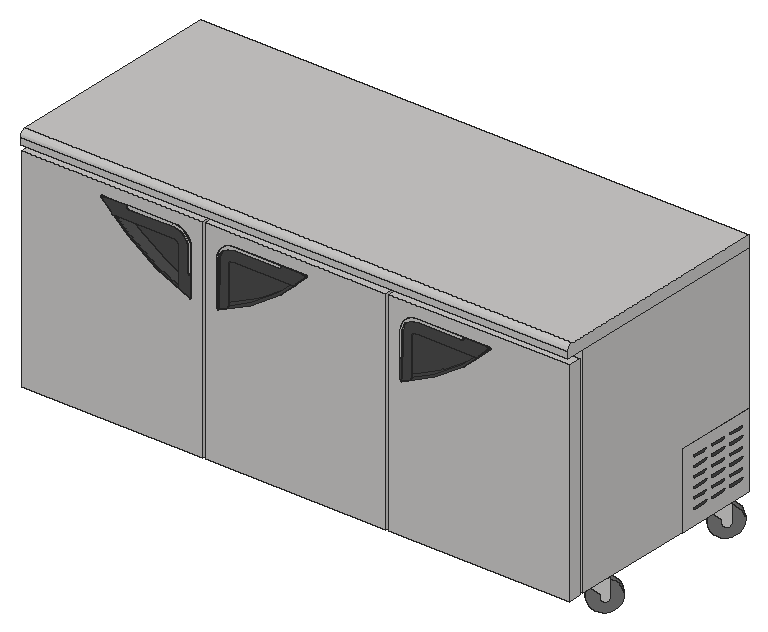
Revit family "QF_Turbo Air_TUR-72SD", category Specialty Equipment, Revit 2012
Parameters
  Weight in Pounds = 352
  Watermarked By = "http://revitwatermark.com"
  Volts = 115 V
  URL Cutsheet = ""
  URL = "www.turboairinc.com"
  Status [instance] = ""
  Specification by User [instance] = ""
  Specification by Manufacturer [instance] = ""
  Serial Number [instance] = ""
  Revision Code [instance] = ""
  Phase = 1
  Number of Poles [instance] = 1
  NAFEM Spec ID Number [instance] = ""
  Model = "TUR-72SD"
  Masterspec [instance] = ""
  Manufacturer = "Turbo Air"  # constant formula
  Legs [instance] = [6 inch Legs]  # no
  Item Number [instance] = "-"
  Installed By [instance] = ""
  HP = "1/2"
  Furnished By [instance] = ""
  Foodservice Equipment Identifier = yes
  FL Amps = 9.9 A
  Electrical Remarks [instance] = ""
  Electric Connection Type [instance] = ""
  Elec Conn RI Height [instance] = 0' - 0"
  Elec Conn Connection Height = 1' - 0"
  Description = "Undercounter Refrigerator"
  Cycle = 60 Hz
  Conn Plug = "NEMA 5-15P"
  Casters [instance] = not(Legs)  # yes
  CasterLeg Height [instance] = if([4 inch Casters], 0' 5", if([5 inch Casters], 0' 5 3/4", if([2_5 inch Casters], 0' 3 3/8", 0' 6")))  # 0' - 5"
  CSI MasterFormat = "11 41 13"
  Assembly Code = "E1090320"
  Apparent Power = if(Phase = 3, Volts * FL Amps * 1.73, Volts * FL Amps)  # 1138.5 VA
  6 inch Legs [instance] = no
  5 inch Casters [instance] = no
  4 inch Casters [instance] = yes
  2_5 inch Casters [instance] = no
Reference planes (in)
  plane 1 "BACK": y = 0
  plane 2: z = 0
  plane 3 "LEFT": x = -20.78844
  plane 4 "Bottom": z = 5
  plane 5 "Back Stops": y = 1
  plane 6 "RIGHT": x = 51.83656
  plane 7 "FRONT": y = -30
  plane 8 "Door Clearance": y = -51.875
  plane 9 "Back of Door": y = -27.875
  plane 10 "Front of Box": y = -27.375
  plane 11 "Top of Door": z = 33.125
  plane 12 "TOP": z = 35.625
  plane 13 "Bottom of TOP": z = 34
  plane 14: x = 27.83656
  plane 15: x = 27.52406
  plane 16: x = 3.21156
  plane 17: x = 3.52406
Forms (in)
  Extrusion 1, solid, material "QF_Finishes_Stainless Steel"
    sketch origin (-20.78844, 0, 0) x (0, 1, 0) y (0, 0, 1)
      loop
        line (0, 5) -> (0, 34) -> (-27.375, 34) -> (-27.375, 5) -> (0, 5)
    from 0 to 72.625
  Extrusion 2, solid, material "QF_Finishes_Black"
    sketch origin (0, -27.375, 0) x (1, 0, 0) y (0, 0, 1)
      loop
        line (-19.78844, 32.125) -> (-19.78844, 6) -> (2.21156, 6) -> (2.21156, 32.125) -> (-19.78844, 32.125)
      loop
        line (28.83656, 32.125) -> (28.83656, 6) -> (50.83656, 6) -> (50.83656, 32.125) -> (28.83656, 32.125)
      loop
        line (4.52406, 32.125) -> (4.52406, 6) -> (26.52406, 6) -> (26.52406, 32.125) -> (4.52406, 32.125)
    from 0 to 0.5
  Extrusion 3, void
    sketch origin (51.83656, 0, 0) x (0, 1, 0) y (0, 0, 1)
      loop
        line (0, 5) -> (0, 15) -> (-11, 15) -> (-11, 5) -> (0, 5)
    from 0 to -1
  Extrusion 4, solid, material "QF_Finishes_Stainless Steel"
    sketch origin (51.83656, 0, 0) x (0, 1, 0) y (0, 0, 1)
      loop
        line (-10.875, 14.875) -> (-10.875, 5) -> (0, 5) -> (0, 14.875) -> (-10.875, 14.875)
      loop
        arc (-9.25, 13.5) -> (-9.10355, 13.14645) -> (-8.75, 13) r 0.5
        line (-8.75, 13) -> (-7.25, 13)
        arc (-7.25, 13) -> (-6.89645, 13.14645) -> (-6.75, 13.5) r 0.5
        line (-6.75, 13.5) -> (-9.25, 13.5)
      loop
        arc (-6.25, 13.5) -> (-6.10355, 13.14645) -> (-5.75, 13) r 0.5
        line (-5.75, 13) -> (-4.25, 13)
        arc (-4.25, 13) -> (-3.89645, 13.14645) -> (-3.75, 13.5) r 0.5
        line (-3.75, 13.5) -> (-6.25, 13.5)
      loop
        arc (-3.25, 13.5) -> (-3.10355, 13.14645) -> (-2.75, 13) r 0.5
        line (-2.75, 13) -> (-1.25, 13)
        arc (-1.25, 13) -> (-0.89645, 13.14645) -> (-0.75, 13.5) r 0.5
        line (-0.75, 13.5) -> (-3.25, 13.5)
      loop
        arc (-9.25, 12.25) -> (-9.10355, 11.89645) -> (-8.75, 11.75) r 0.5
        line (-8.75, 11.75) -> (-7.25, 11.75)
        arc (-7.25, 11.75) -> (-6.89645, 11.89645) -> (-6.75, 12.25) r 0.5
        line (-6.75, 12.25) -> (-9.25, 12.25)
      loop
        arc (-6.25, 12.25) -> (-6.10355, 11.89645) -> (-5.75, 11.75) r 0.5
        line (-5.75, 11.75) -> (-4.25, 11.75)
        arc (-4.25, 11.75) -> (-3.89645, 11.89645) -> (-3.75, 12.25) r 0.5
        line (-3.75, 12.25) -> (-6.25, 12.25)
      loop
        arc (-3.25, 12.25) -> (-3.10355, 11.89645) -> (-2.75, 11.75) r 0.5
        line (-2.75, 11.75) -> (-1.25, 11.75)
        arc (-1.25, 11.75) -> (-0.89645, 11.89645) -> (-0.75, 12.25) r 0.5
        line (-0.75, 12.25) -> (-3.25, 12.25)
      loop
        arc (-9.25, 11) -> (-9.10355, 10.64645) -> (-8.75, 10.5) r 0.5
        line (-8.75, 10.5) -> (-7.25, 10.5)
        arc (-7.25, 10.5) -> (-6.89645, 10.64645) -> (-6.75, 11) r 0.5
        line (-6.75, 11) -> (-9.25, 11)
      loop
        arc (-6.25, 11) -> (-6.10355, 10.64645) -> (-5.75, 10.5) r 0.5
        line (-5.75, 10.5) -> (-4.25, 10.5)
        arc (-4.25, 10.5) -> (-3.89645, 10.64645) -> (-3.75, 11) r 0.5
        line (-3.75, 11) -> (-6.25, 11)
      loop
        arc (-3.25, 11) -> (-3.10355, 10.64645) -> (-2.75, 10.5) r 0.5
        line (-2.75, 10.5) -> (-1.25, 10.5)
        arc (-1.25, 10.5) -> (-0.89645, 10.64645) -> (-0.75, 11) r 0.5
        line (-0.75, 11) -> (-3.25, 11)
      loop
        arc (-9.25, 9.75) -> (-9.10355, 9.39645) -> (-8.75, 9.25) r 0.5
        line (-8.75, 9.25) -> (-7.25, 9.25)
        arc (-7.25, 9.25) -> (-6.89645, 9.39645) -> (-6.75, 9.75) r 0.5
        line (-6.75, 9.75) -> (-9.25, 9.75)
      loop
        arc (-6.25, 9.75) -> (-6.10355, 9.39645) -> (-5.75, 9.25) r 0.5
        line (-5.75, 9.25) -> (-4.25, 9.25)
        arc (-4.25, 9.25) -> (-3.89645, 9.39645) -> (-3.75, 9.75) r 0.5
        line (-3.75, 9.75) -> (-6.25, 9.75)
      loop
        arc (-3.25, 9.75) -> (-3.10355, 9.39645) -> (-2.75, 9.25) r 0.5
        line (-2.75, 9.25) -> (-1.25, 9.25)
        arc (-1.25, 9.25) -> (-0.89645, 9.39645) -> (-0.75, 9.75) r 0.5
        line (-0.75, 9.75) -> (-3.25, 9.75)
      loop
        arc (-9.25, 8.5) -> (-9.10355, 8.14645) -> (-8.75, 8) r 0.5
        line (-8.75, 8) -> (-7.25, 8)
        arc (-7.25, 8) -> (-6.89645, 8.14645) -> (-6.75, 8.5) r 0.5
        line (-6.75, 8.5) -> (-9.25, 8.5)
      loop
        arc (-6.25, 8.5) -> (-6.10355, 8.14645) -> (-5.75, 8) r 0.5
        line (-5.75, 8) -> (-4.25, 8)
        arc (-4.25, 8) -> (-3.89645, 8.14645) -> (-3.75, 8.5) r 0.5
        line (-3.75, 8.5) -> (-6.25, 8.5)
      loop
        arc (-3.25, 8.5) -> (-3.10355, 8.14645) -> (-2.75, 8) r 0.5
        line (-2.75, 8) -> (-1.25, 8)
        arc (-1.25, 8) -> (-0.89645, 8.14645) -> (-0.75, 8.5) r 0.5
        line (-0.75, 8.5) -> (-3.25, 8.5)
      loop
        arc (-9.25, 7.25) -> (-9.10355, 6.89645) -> (-8.75, 6.75) r 0.5
        line (-8.75, 6.75) -> (-7.25, 6.75)
        arc (-7.25, 6.75) -> (-6.89645, 6.89645) -> (-6.75, 7.25) r 0.5
        line (-6.75, 7.25) -> (-9.25, 7.25)
      loop
        arc (-6.25, 7.25) -> (-6.10355, 6.89645) -> (-5.75, 6.75) r 0.5
        line (-5.75, 6.75) -> (-4.25, 6.75)
        arc (-4.25, 6.75) -> (-3.89645, 6.89645) -> (-3.75, 7.25) r 0.5
        line (-3.75, 7.25) -> (-6.25, 7.25)
      loop
        arc (-3.25, 7.25) -> (-3.10355, 6.89645) -> (-2.75, 6.75) r 0.5
        line (-2.75, 6.75) -> (-1.25, 6.75)
        arc (-1.25, 6.75) -> (-0.89645, 6.89645) -> (-0.75, 7.25) r 0.5
        line (-0.75, 7.25) -> (-3.25, 7.25)
    from 0 to -1
  Extrusion 5, solid, material "QF_Finishes_Black"
    sketch origin (51.83656, 0, 0) x (0, 1, 0) y (0, 0, 1)
      loop
        line (-9.875, 13.95221) -> (-9.875, 6.20221) -> (-0.375, 6.20221) -> (-0.375, 13.95221) -> (-9.875, 13.95221)
    from -0.125 to -1
  Extrusion 6, solid, material "QF_Finishes_Black"
    sketch origin (0, 0, 0) x (1, 0, 0) y (0, 0, 1)
      loop
        circle (-14.66344, 30.8125) r 0.5
      loop
        circle (45.71156, 30.8125) r 0.5
    from 0 to -1
  Extrusion 7, solid, material "QF_Finishes_Stainless Steel"
    sketch origin (0, 0, 0) x (1, 0, 0) y (0, 0, 1)
      loop
        circle (47.83656, 11.125) r 0.25
    from 0 to -0.0625
  Extrusion 8, solid, material "QF_Finishes_Polished Steel"
    sketch origin (-20.78844, 0, 0) x (0, 1, 0) y (0, 0, 1)
      loop
        line (0, 35.625) -> (-29.1875, 35.625)
        arc (-29.1875, 35.625) -> (-29.76202, 35.38702) -> (-30, 34.8125) r 0.8125
        line (-30, 34.8125) -> (-30, 34) -> (0, 34) -> (0, 35.625)
    from 0 to 72.625
Cuts and joins
  Extrusion 3 cuts Extrusion 1
Lines and regions (in)
  symbolic lines
    curve 1: line (-20.78844, 0, 35.875) -> (51.83656, 0, 35.875)
    curve 2: line (-20.78844, -30, 35.875) -> (-20.78844, 0, 35.875)
    curve 3: line (51.83656, -30, 35.875) -> (-20.78844, -30, 35.875)
    curve 4: line (51.83656, 0, 35.875) -> (51.83656, -30, 35.875)
    curve 5: line (45.21156, 1, 35.875) -> (46.21156, 1, 35.875)
    curve 6: line (-15.16344, 1, 35.875) -> (-14.16344, 1, 35.875)
    curve 7: line (-15.16344, 1, 35.875) -> (-15.16344, 0, 35.875)
    curve 8: line (-14.16344, 1, 35.875) -> (-14.16344, 0, 35.875)
    curve 9: line (45.21156, 1, 35.875) -> (45.21156, 0, 35.875)
    curve 10: line (46.21156, 1, 35.875) -> (46.21156, 0, 35.875)
  symbolic lines, style "QF_Clearances", detail levels coarse
    curve 11: line (51.83656, -30, 35.875) -> (51.83656, -51.875, 35.875)
    curve 12: arc (51.83656, -51.875, 35.875) -> (35.63471, -45.58093, 35.875) -> (27.93082, -30, 35.875) r 24
    curve 13: line (-20.78844, -30, 35.875) -> (-20.78844, -51.875, 35.875)
    curve 14: arc (-20.78844, -51.875, 35.875) -> (-4.58659, -45.58093, 35.875) -> (3.1173, -30, 35.875) r 24
    curve 15: line (27.52406, -30, 35.875) -> (27.52406, -51.875, 35.875)
    curve 16: arc (27.52406, -51.875, 35.875) -> (11.32221, -45.58093, 35.875) -> (3.61832, -30, 35.875) r 24
Dimensions and locks (in)
  "CasterLeg Height": plane 4 "Bottom" to plane 2
  locked: plane 1 "BACK" to plane 5 "Back Stops" at 1
  locked: plane 6 "RIGHT" to plane 3 "LEFT" at 72.625
  locked: plane 7 "FRONT" to plane 1 "BACK" at 30
  locked: plane 9 "Back of Door" to plane 10 "Front of Box" at 0.5
  locked: plane 8 "Door Clearance" to plane 1 "BACK" at 51.875
  locked: plane 11 "Top of Door" to Extrusion 2 sketch curve at 1  (x3)
  locked: Extrusion 2 sketch curve to plane 3 "LEFT" at 1
  locked: Extrusion 2 sketch curve to plane 4 "Bottom" at 1  (x3)
  locked: Extrusion 3 sketch curve to plane 1 "BACK" at 11
  locked: Extrusion 3 sketch curve to plane 4 "Bottom" at 10
  locked: plane 4 "Bottom" to Extrusion 4 sketch curve at 9.875
  locked: Extrusion 4 sketch curve to plane 1 "BACK" at 10.875
  locked: Extrusion 5 sketch curve to Extrusion 5 sketch curve at 7.75
  locked: Extrusion 5 sketch curve to plane 4 "Bottom" at 1.20221
  locked: Extrusion 5 sketch curve to Extrusion 5 sketch curve at 9.5
  locked: Extrusion 5 sketch curve to plane 1 "BACK" at 0.375
  locked: nested 2 to plane 1 "BACK" at 2.5625
  locked: plane 3 "LEFT" to nested 2 at 2.5
  locked: plane 3 "LEFT" to nested 3 at 2.5
  locked: plane 10 "Front of Box" to nested 3 at 4.625
  locked: nested 4 to plane 6 "RIGHT" at 2.5
  locked: nested 5 to plane 6 "RIGHT" at 2.5
  locked: plane 10 "Front of Box" to nested 5 at 4.625
  locked: nested 4 to plane 1 "BACK" at 2.5625
  locked: plane 6 "RIGHT" to Extrusion 6 sketch curve at 6.125
  locked: Extrusion 6 sketch curve to plane 3 "LEFT" at 6.125
  locked: Extrusion 7 sketch curve to plane 4 "Bottom" at 6.125
  locked: plane 6 "RIGHT" to Extrusion 7 sketch curve at 4
  locked: plane 12 "TOP" to plane 4 "Bottom" at 30.625
  locked: plane 12 "TOP" to plane 13 "Bottom of TOP" at 1.625
  locked: plane 13 "Bottom of TOP" to plane 11 "Top of Door" at 0.875
  plane 9 "Back of Door" to plane 1 "BACK" = 2' - 3 7/8"
  locked: Extrusion 2 sketch curve to plane 6 "RIGHT" at 1
  locked: plane 3 "LEFT" to plane 16 at 24
  locked: plane 14 to plane 6 "RIGHT" at 24
  locked: plane 15 to plane 14 at 0.3125
  locked: plane 16 to plane 17 at 0.3125
  locked: Extrusion 2 sketch curve to plane 14 at 1
  locked: plane 16 to Extrusion 2 sketch curve at 1
  locked: Extrusion 2 sketch curve to plane 15 at 1
  locked: Extrusion 2 sketch curve to plane 17 at 1
  aligned and locked: level to plane 2
  aligned and locked: plane 6 "RIGHT" to nested 1
  aligned and locked: Extrusion 1 sketch curve to plane 1 "BACK"
  aligned and locked: Extrusion 1 sketch curve to plane 4 "Bottom"
  aligned and locked: plane 10 "Front of Box" to Extrusion 1 sketch curve
  aligned and locked: plane 6 "RIGHT" to Extrusion 1
  aligned and locked: plane 9 "Back of Door" to Extrusion 2
  aligned and locked: Extrusion 3 sketch curve to plane 1 "BACK"
  aligned and locked: Extrusion 3 sketch curve to plane 4 "Bottom"
  aligned and locked: Extrusion 6 to plane 5 "Back Stops"
  aligned and locked: plane 1 "BACK" to curve 1
  aligned and locked: curve 4 to plane 6 "RIGHT"
  aligned and locked: plane 3 "LEFT" to curve 2
  aligned and locked: curve 3 to plane 7 "FRONT"
  aligned and locked: curve 5 to Extrusion 6
  aligned and locked: curve 6 to Extrusion 6
  aligned and locked: Extrusion 1 sketch curve to plane 13 "Bottom of TOP"
  aligned and locked: plane 1 "BACK" to Extrusion 8 sketch curve
  aligned and locked: plane 13 "Bottom of TOP" to Extrusion 8 sketch curve
  aligned and locked: Extrusion 8 sketch curve to plane 7 "FRONT"
  aligned and locked: Extrusion 8 sketch curve to plane 12 "TOP"
  aligned and locked: plane 6 "RIGHT" to Extrusion 8
  aligned and locked: nested 6 to plane 4 "Bottom"
  aligned and locked: plane 4 "Bottom" to nested 1
  aligned and locked: plane 4 "Bottom" to nested 7
Automatic sketch dimensions
  Extrusion 4 sketch curve to plane 1 "BACK" = 0' - 0"
  Extrusion 4 sketch curve to plane 4 "Bottom" = 0' - 0"
  Extrusion 4 sketch curve to Extrusion 4 sketch curve = 0' - 1 5/8"
  Extrusion 4 sketch curve to Extrusion 4 sketch curve = 0' - 0"  (x16)
  Extrusion 4 sketch curve to Extrusion 4 sketch curve = 0' - 0 1/2"  (x31)
  Extrusion 4 sketch curve to Extrusion 4 sketch curve = 0' - 1 1/2"  (x4)
  plane 1 "BACK" to Extrusion 4 sketch curve = 0' - 1 1/4"  (x3)
  plane 4 "Bottom" to Extrusion 4 sketch curve = 0' - 1 3/4"  (x2)
  Extrusion 4 sketch curve to Extrusion 4 sketch curve = 0' - 0 3/4"  (x15)
  Extrusion 6 sketch curve to plane 11 "Top of Door" = 0' - 2 5/16"  (x2)
  Extrusion 8 sketch curve to plane 7 "FRONT" = 0' - 0 13/16"
  plane 8 "Door Clearance" to curve 14 = 0' - 0"
  plane 8 "Door Clearance" to curve 11 = 0' - 0"
  plane 8 "Door Clearance" to curve 16 = 0' - 0"
  plane 9 "Back of Door" to curve 14 = 0' - 0"
  plane 9 "Back of Door" to curve 12 = 0' - 0"
  plane 9 "Back of Door" to curve 16 = 0' - 0"
  curve 15 to plane 15 = 0' - 0"
  curve 10 to plane 6 "RIGHT" = 0' - 5 5/8"
  curve 5 to curve 5 = 0' - 1"
  plane 3 "LEFT" to curve 8 = 0' - 6 5/8"
  curve 6 to curve 7 = 0' - 1"
  radius of Extrusion 6 sketch curve = 0' - 0 1/2"  (x2)
  radius of Extrusion 7 sketch curve = 0' - 0 1/4"
Nested families (in)
  nested 1: "QF_Turbo Air_TBL_Door-2" at (36.65989, -27.875, 5) x (-1, 0, 0) z (0, 0, 1), type "QF_Turbo Air_TBL_Door-2"
    with Width 2' - 0", Symbolic Lines no, Height 2' - 4 1/8", Depth 0' - 1 13/16"
  nested 2: "FESCasterLeg" at (-18.28844, -2.5625, 0), Legs <- "Legs", Casters <- "Casters", Height <- "CasterLeg Height", type "FESCasterLeg"
    with Legs no, Height 0' - 5", Casters yes, Caster Radius 0' - 2"
  nested 3: "FESCasterLeg" at (-18.28844, -22.75, 0), Legs <- "Legs", Casters <- "Casters", Height <- "CasterLeg Height", type "FESCasterLeg"
    with Legs no, Height 0' - 5", Casters yes, Caster Radius 0' - 2"
  nested 4: "FESCasterLeg" at (49.33656, -2.5625, 0), Legs <- "Legs", Casters <- "Casters", Height <- "CasterLeg Height", type "FESCasterLeg"
    with Legs no, Height 0' - 5", Casters yes, Caster Radius 0' - 2"
  nested 5: "FESCasterLeg" at (49.33656, -22.75, 0), Legs <- "Legs", Casters <- "Casters", Height <- "CasterLeg Height", type "FESCasterLeg"
    with Legs no, Height 0' - 5", Casters yes, Caster Radius 0' - 2"
  nested 6: "QF_Turbo Air_TBL_Door-2" at (-5.61177, -27.875, 5), type "QF_Turbo Air_TBL_Door-2"
    with Width 2' - 0", Symbolic Lines no, Height 2' - 4 1/8", Depth 0' - 1 13/16"
  nested 7: "QF_Turbo Air_TBL_Door-2" at (12.34739, -27.875, 5) x (-1, 0, 0) z (0, 0, 1), type "QF_Turbo Air_TBL_Door-2"
    with Width 2' - 0", Symbolic Lines no, Height 2' - 4 1/8", Depth 0' - 1 13/16"
Connectors (in)
  electrical at (47.83656, 0.0625, 11.125), driven by "Number of Poles", driven by "Volts", driven by "Apparent Power"
    settings: on Extrusion 7, index 1, voltage 115 V, apparent load 1138.5 VA, apparent load phase1 0 VA, apparent load phase2 0 VA, apparent load phase3 0 VA, power factor 1, load classification "Other", number of poles 1, system type 30, power factor state 1, is connector primary yes, connector utility no, sub classification motor no, connector description ""
Definition of nested family "QF_Turbo Air_TBL_Door-2"
  Parameters (values of type "QF_Turbo Air_TBL_Door-2")
    Width [instance] = 1' - 6"
    Watermarked By = "http://revitwatermark.com"
    Symbolic Lines [instance] = yes
    Manufacturer = "Turbo Air"  # constant formula
    Height [instance] = 2' - 3 1/2"
    Depth [instance] = 0' - 1 13/16"
  Reference planes (in)
    plane 1 "BACK": y = 0
    plane 2: z = 0
    plane 3 "LEFT": x = -15.17667
    plane 4: x = 2.82333
    plane 5 "FRONT": y = -1.8125
    plane 6: z = 27.5
  Forms (in)
    Extrusion 1, solid, material "QF_Finishes_Stainless Steel"
      sketch origin (0, 0, 0) x (1, 0, 0) y (0, 0, 1)
        loop
          line (-15.17667, 27.5) -> (-15.17667, 0) -> (2.82333, 0) -> (2.82333, 27.5) -> (-15.17667, 27.5)
        loop
          arc (1.26083, 23.75) -> (0.62013, 25.2968) -> (-0.92667, 25.9375) r 2.1875
          line (-0.92667, 25.9375) -> (-10.51602, 25.9375)
          arc (-10.51602, 25.9375) -> (-10.68463, 25.82502) -> (-10.64553, 25.62614) r 0.18261
          arc (-10.64553, 25.62614) -> (-5.27313, 21.0225) -> (1.01159, 17.7731) r 30.65514
          arc (1.01159, 17.7731) -> (1.18191, 17.79728) -> (1.26083, 17.95014) r 0.1875
          line (1.26083, 17.95014) -> (1.26083, 23.75)
      from 0 to 1.8125
    Extrusion 2, solid, material "QF_Finishes_Black"
      sketch origin (0, 0, 0) x (1, 0, 0) y (0, 0, 1)
        loop
          arc (-10.51602, 25.9375) -> (-10.68463, 25.82502) -> (-10.64553, 25.62614) r 0.18261
          arc (-10.64553, 25.62614) -> (-5.27313, 21.0225) -> (1.01159, 17.7731) r 30.65514
          arc (1.01159, 17.7731) -> (1.18191, 17.79728) -> (1.26083, 17.95014) r 0.1875
          line (1.26083, 17.95014) -> (1.26083, 23.75)
          arc (1.26083, 23.75) -> (0.62013, 25.2968) -> (-0.92667, 25.9375) r 2.1875
          line (-0.92667, 25.9375) -> (-10.51602, 25.9375)
      from 0 to 0.25
    Extrusion 3, solid, material "QF_Finishes_Black"
      sketch origin (0, -1.8125, 0) x (1, 0, 0) y (0, 0, 1)
        loop
          arc (-10.51602, 25.9375) -> (-10.68463, 25.82502) -> (-10.64553, 25.62614) r 0.18261
          arc (-10.64553, 25.62614) -> (-5.27313, 21.0225) -> (1.01159, 17.7731) r 30.65514
          arc (1.01159, 17.7731) -> (1.18191, 17.79728) -> (1.26083, 17.95014) r 0.1875
          line (1.26083, 17.95014) -> (1.26083, 23.75)
          arc (1.26083, 23.75) -> (0.62013, 25.2968) -> (-0.92667, 25.9375) r 2.1875
          line (-0.92667, 25.9375) -> (-10.51602, 25.9375)
        loop
          arc (-10.3612, 25.6875) -> (-5.1116, 21.21513) -> (1.01083, 18.04082) r 30.40514
          line (1.01083, 18.04082) -> (1.01083, 23.75)
          arc (1.01083, 23.75) -> (0.44335, 25.12002) -> (-0.92667, 25.6875) r 1.9375
          line (-0.92667, 25.6875) -> (-10.3612, 25.6875)
      from 0 to -1.5625
    Extrusion 4, solid, material "QF_Finishes_Stainless Steel"
      sketch origin (0, -1.8125, 0) x (1, 0, 0) y (0, 0, 1)
        loop
          line (0.8693, 23.74703) -> (0.8693, 20.9359)
          arc (0.8693, 20.9359) -> (0.97619, 20.67783) -> (1.23426, 20.57094) r 0.36497
          line (1.23426, 20.57094) -> (1.23426, 23.75728)
          arc (1.23426, 23.75728) -> (0.60343, 25.28026) -> (-0.91955, 25.9111) r 2.15381
          line (-0.91955, 25.9111) -> (-7.29364, 25.9111)
          arc (-7.29364, 25.9111) -> (-7.18686, 25.6533) -> (-6.92907, 25.54652) r 0.36457
          line (-6.92907, 25.54652) -> (-0.9302, 25.54652)
          arc (-0.9302, 25.54652) -> (0.34224, 25.01946) -> (0.8693, 23.74703) r 1.79949
      from 0 to 0.0625
    Extrusion 5, solid, material "QF_Finishes_Black"
      sketch origin (0, -1.8125, 0) x (1, 0, 0) y (0, 0, 1)
        loop
          line (-7.29579, 25.91713) -> (-10.23685, 25.91713)
          arc (-10.23685, 25.91713) -> (-10.4057, 25.80626) -> (-10.37109, 25.60724) r 0.18402
          arc (-10.37109, 25.60724) -> (-9.82156, 25.0362) -> (-9.25736, 24.47964) r 30.46741
          arc (-9.25736, 24.47964) -> (-9.13766, 24.40221) -> (-8.99771, 24.37509) r 0.37471
          line (-8.99771, 24.37509) -> (-0.92669, 24.37509)
          arc (-0.92669, 24.37509) -> (-0.48472, 24.19202) -> (-0.30165, 23.75005) r 0.62505
          line (-0.30165, 23.75005) -> (-0.30165, 18.75593)
          arc (-0.30165, 18.75593) -> (-0.23944, 18.54909) -> (-0.07345, 18.41087) r 0.375
          arc (-0.07345, 18.41087) -> (0.46451, 18.18804) -> (1.00663, 17.97553) r 30.46765
          arc (1.00663, 17.97553) -> (1.17982, 17.99636) -> (1.26095, 18.15079) r 0.18755
          line (1.26095, 18.15079) -> (1.26095, 20.57213)
          arc (1.26095, 20.57213) -> (0.98629, 20.66883) -> (0.87001, 20.93579) r 0.36461
          line (0.87001, 20.93579) -> (0.87001, 23.74835)
          arc (0.87001, 23.74835) -> (0.34256, 25.02175) -> (-0.93084, 25.54921) r 1.80086
          line (-0.93084, 25.54921) -> (-6.92787, 25.54921)
          arc (-6.92787, 25.54921) -> (-7.18803, 25.65697) -> (-7.29579, 25.91713) r 0.36792
      from 0 to 0.0625
  Lines and regions (in)
    symbolic lines, visible <- "Symbolic Lines"
      curve 1: line (-15.17667, 0, 25.96875) -> (2.82333, 0, 25.96875)
      curve 2: line (-15.17667, -1.8125, 25.96875) -> (-15.17667, 0, 25.96875)
      curve 3: line (2.82333, -1.8125, 25.96875) -> (-15.17667, -1.8125, 25.96875)
      curve 4: line (2.82333, 0, 25.96875) -> (2.82333, -1.8125, 25.96875)
  Dimensions and locks (in)
    "Width": plane 4 to plane 3 "LEFT"
    "Depth": plane 5 "FRONT" to plane 1 "BACK"
    "Height": plane 6 to plane 2
    locked: plane 4 to Extrusion 1 sketch curve at 3.75
    locked: plane 6 to Extrusion 1 sketch curve at 3.75
    locked: plane 6 to Extrusion 1 sketch curve at 9.54986
    locked: plane 4 to Extrusion 1 sketch curve at 1.5625
    locked: plane 6 to Extrusion 1 sketch curve at 1.5625
    locked: plane 4 to Extrusion 1 sketch curve at 13.33935
    locked: plane 6 to Extrusion 1 sketch curve at 1.87386
    locked: plane 6 to Extrusion 1 sketch curve at 9.7269
    locked: plane 4 to Extrusion 1 sketch curve at 1.81175
    locked: plane 4 to Extrusion 1 sketch curve at 13.46886
    locked: Extrusion 4 sketch curve to Extrusion 4 sketch curve at 0.36457
    locked: Extrusion 4 sketch curve to Extrusion 4 sketch curve at 0.36497
    locked: plane 4 to Extrusion 4 sketch curve at 1.58907
    locked: plane 6 to Extrusion 4 sketch curve at 1.5889
    plane 4 to Extrusion 4 sketch curve = 0' - 10.11697"
    locked: plane 4 to Extrusion 4 sketch curve at 9.7524
    locked: plane 4 to Extrusion 4 sketch curve at 3.74288
    locked: plane 4 to Extrusion 4 sketch curve at 3.75353
    locked: plane 6 to Extrusion 4 sketch curve at 3.74272
    locked: plane 6 to Extrusion 4 sketch curve at 3.75297
    locked: plane 6 to Extrusion 4 sketch curve at 6.92906
    locked: plane 6 to Extrusion 4 sketch curve at 6.5641
    locked: plane 4 to Extrusion 2 sketch curve at 3.75
    locked: plane 4 to Extrusion 2 sketch curve at 13.33935
    locked: plane 4 to Extrusion 2 sketch curve at 13.46886
    locked: plane 4 to Extrusion 2 sketch curve at 1.81175
    locked: plane 4 to Extrusion 2 sketch curve at 1.5625
    locked: plane 4 to Extrusion 5 sketch curve at 1.56238
    locked: plane 4 to Extrusion 5 sketch curve at 1.95332
    locked: plane 4 to Extrusion 5 sketch curve at 3.75417
    locked: plane 4 to Extrusion 5 sketch curve at 9.75121
    locked: plane 4 to Extrusion 5 sketch curve at 10.11912
    locked: plane 4 to Extrusion 5 sketch curve at 13.06018
    locked: plane 4 to Extrusion 5 sketch curve at 13.19443
    locked: plane 4 to Extrusion 5 sketch curve at 12.0807
    locked: plane 4 to Extrusion 5 sketch curve at 11.82104
    locked: plane 4 to Extrusion 5 sketch curve at 3.75003
    locked: plane 4 to Extrusion 5 sketch curve at 3.12498
    locked: plane 4 to Extrusion 5 sketch curve at 2.89679
    locked: plane 4 to Extrusion 5 sketch curve at 1.81671
    aligned and locked: level to plane 2
    aligned and locked: Extrusion 1 sketch curve to plane 6
    aligned and locked: plane 3 "LEFT" to Extrusion 1 sketch curve
    aligned and locked: level to Extrusion 1 sketch curve
    aligned and locked: Extrusion 1 sketch curve to plane 4
    aligned and locked: plane 5 "FRONT" to Extrusion 1
    aligned and locked: plane 1 "BACK" to curve 1
    aligned and locked: plane 3 "LEFT" to curve 2
    aligned and locked: curve 3 to plane 5 "FRONT"
    aligned and locked: curve 4 to plane 4
    aligned and locked: Extrusion 3 sketch curve to Extrusion 1  (x4)
  Automatic sketch dimensions
    plane 4 to Extrusion 1 sketch curve = 0' - 9.03101"
    Extrusion 2 sketch curve to plane 6 = 0' - 1 9/16"
    Extrusion 2 sketch curve to Extrusion 2 sketch curve = 0' - 5.79986"
    Extrusion 2 sketch curve to Extrusion 2 sketch curve = 0' - 0.31136"
    plane 4 to Extrusion 2 sketch curve = 0' - 9.03101"
    Extrusion 2 sketch curve to Extrusion 2 sketch curve = 0' - 0.17704"
    Extrusion 3 sketch curve to Extrusion 3 sketch curve = 0' - 0.12951"
    Extrusion 3 sketch curve to Extrusion 3 sketch curve = 0' - 0.15482"
    Extrusion 3 sketch curve to Extrusion 3 sketch curve = 0' - 0"  (x4)
    Extrusion 3 sketch curve to Extrusion 3 sketch curve = 0' - 0.00075"
    Extrusion 3 sketch curve to Extrusion 3 sketch curve = 0' - 0.09068"
    Extrusion 5 sketch curve to Extrusion 5 sketch curve = 0' - 0"  (x4)
    Extrusion 5 sketch curve to Extrusion 5 sketch curve = 0' - 0.00072"
    Extrusion 5 sketch curve to Extrusion 5 sketch curve = 0' - 2.81256"
    Extrusion 5 sketch curve to Extrusion 5 sketch curve = 0' - 0.36461"
    Extrusion 5 sketch curve to Extrusion 5 sketch curve = 0' - 1.8162"
    Extrusion 5 sketch curve to plane 6 = 0' - 1.89276"
    Extrusion 5 sketch curve to Extrusion 5 sketch curve = 0' - 0.14681"
    Extrusion 5 sketch curve to Extrusion 5 sketch curve = 0' - 0.06678"
    Extrusion 5 sketch curve to plane 6 = 0' - 1.58287"
Definition of nested family "FESCasterLeg"
  Parameters (values of type "FESCasterLeg")
    Watermarked By = "http://revitwatermark.com"
    Type Comments = "⍁⍉⌁⌀⏭⎽⌇⍠⌜⍉⎖⌥⌦⌯⍭⏊⍻⍿⍊⏵⍊⏗⏠⍴⎡⌈⎀⍠⌓⌤⏘⎐⍀⌐⏬⏁⎈⏍⏦⎒⏬⌝⍩⍇⌣〈⎫〉⎁⏊⍥⍖⍥⍝⍦⌖⍀⏌⏭⎝⎼⏷⏞⍻⏯⎽⏷⏞⍻⏯⎽⏷⎺⌻⎝⍎⌧⏷⏟⏿⌿⍜⍦⍤⌁⍬⏶⏎⍊⏚⏉⎞⌡⎀⎪⏈⌟⌿⍾⍼⌟⌿⌢⌞⏜⏝⎽⍷⍷⍯⍧⍷⌯⍽⏸⏨⏾⏎⌣⏺⍹⏼⏅⎏⌽⎫⎪⍙⎓⏗⎗⏅⌴⍏⍏⍿⏑⎺⍘⌭⏲⍥⎛⎾⎾⍞⍌⎪⎲⌙⎥⏏⎟⎟⏼⏘⎏⎝⏧⏍⏁⍏⍧⏯⏾⌟"
    Legs [instance] = yes
    Height [instance] = 0' - 6"
    Caster Radius [instance] = if(Height < 0' 3", 0' 1", (Height / 2) - 0' 0 1/2")  # 0' - 2 1/2"
    Casters [instance] = yes
    Assembly Code = ""
  Reference planes (in)
    plane 1 "Center (Front/Back)": y = 0
    plane 2: z = 0
    plane 3 "Center (Left/Right)": x = 0
    plane 4: z = 6
    plane 5: z = 5.5
  Forms (in)
    Extrusion 1, solid, material "QF_Finishes_Stainless Steel", visible <- "Casters"
      sketch origin (-24.12131, -22.88887, 10.18833) x (0.707107, 0.707107, 0) y (0, 0, 1)
        loop
          line (34.98772, -7.68833) -> (34.98772, -4.93833) -> (34.48772, -4.93833) -> (34.39402, -4.68833) -> (32.39402, -4.68833) -> (32.39402, -5.43833) -> (33.98772, -7.34206) -> (33.98772, -7.68833)
          arc (33.98772, -7.68833) -> (34.48772, -8.18833) -> (34.98772, -7.68833) r 0.5
      from 0 to 1.75
    Extrusion 2, solid, material "QF_Finishes_Rubber Black", visible <- "Casters"
      sketch origin (-24.32327, -23.09083, 13.31461) x (0.707107, 0.707107, 0) y (0, 0, 1)
        loop
          circle (34.77334, -10.81461) r 2.5
      from 0.375 to 1.375
    Extrusion 3, solid, material "QF_Finishes_Stainless Steel", visible <- "Casters"
      sketch origin (-7.24148, -8.48391, 0) x (0.707107, 0.707107, 0) y (0, 0, 1)
        loop
          line (10.61603, 5.5) -> (11.61603, 5.5) -> (11.61603, 6) -> (10.61603, 6) -> (10.61603, 5.5)
      from 0 to -1.75
    Blend 4, solid, material "QF_Finishes_Stainless Steel", visible <- "Legs"
      base sketch origin (0, 0, 0) x (1, 0, 0) y (0, 1, 0)
        loop
          circle (0, 0) r 0.5
      top sketch origin (0, 0, 0) x (1, 0, 0) y (0, 1, 0)
        loop
          circle (0, 0) r 1
      from 0 to 6 <- "Height"
  Lines and regions (in)
    symbolic lines, style "QF_Hidden Details", visible <- "Casters", built-in parameter 1006206 <- "Casters"
      curve 1: line (-1.26158, -0.51911, 0) -> (1.39007, 2.13254, 0)
      curve 2: line (-0.53429, -1.24639, 0) -> (2.11736, 1.40526, 0)
    symbolic lines, style "QF_Hidden Details", built-in parameter 1006206 <- "Casters", visible <- "Casters"
      curve 3: line (-1.26158, -0.51911, 0) -> (1.39007, 2.13254, 0)
      curve 4: line (-0.53429, -1.24639, 0) -> (2.11736, 1.40526, 0)
  Dimensions and locks (in)
    locked: plane 4 to plane 5 at 0.5
    "Height": plane 4 to level
    "Caster Radius": Extrusion 2 sketch curve to level
    "Caster Radius": Extrusion 1 sketch curve to level
    "Caster Radius": radius of Extrusion 2 sketch curve
    aligned and locked: plane 2 to level
    aligned: Blend 4 to Extrusion 3
    aligned and locked: plane 4 to Blend 4
    aligned and locked: Extrusion 3 to plane 5
    aligned and locked: plane 4 to Extrusion 3
    aligned and locked: plane 5 to Extrusion 1
  Automatic sketch dimensions
    plane 1 "Center (Front/Back)" to curve 3 = 0' - 0.51911"
    curve 3 to plane 3 "Center (Left/Right)" = 0' - 1.26158"
    plane 1 "Center (Front/Back)" to curve 1 = 0' - 0.51911"
    curve 1 to curve 3 = 0' - 0"  (x3)
    curve 4 to plane 3 "Center (Left/Right)" = 0' - 0.53429"
    curve 2 to curve 4 = 0' - 0"  (x2)
    plane 3 "Center (Left/Right)" to curve 3 = 0' - 1.39007"
    curve 1 to curve 4 = 0' - 0.72729"
    curve 2 to curve 1 = 0' - 0.72729"
    curve 4 to curve 2 = 0' - 0"  (x2)
    curve 2 to plane 1 "Center (Front/Back)" = 0' - 1.40526"
    curve 2 to curve 3 = 0' - 0.72729"
    plane 5 to Extrusion 1 sketch curve = 0' - 0"
    Extrusion 1 sketch curve to Extrusion 1 sketch curve = 0' - 1.5937"
    Extrusion 1 sketch curve to Extrusion 1 sketch curve = 0' - 2"
    Extrusion 1 sketch curve to Extrusion 1 sketch curve = 0' - 0.0937"
    Extrusion 1 sketch curve to Extrusion 1 sketch curve = 0' - 0 1/2"
    Extrusion 1 sketch curve to Extrusion 1 sketch curve = 0' - 0.34627"
    Extrusion 1 sketch curve to plane 5 = 0' - 0 3/4"
    Extrusion 1 sketch curve to plane 5 = 0' - 0 1/4"
    Extrusion 3 sketch curve to plane 5 = 0' - 0"
    plane 4 to Extrusion 3 sketch curve = 0' - 0"
    Extrusion 3 sketch curve to Extrusion 3 sketch curve = 0' - 1"
    plane 1 "Center (Front/Back)" to Blend 4 sketch curve = 0' - 0"  (x2)
    Blend 4 sketch curve to plane 3 "Center (Left/Right)" = 0' - 0"  (x2)
    radius of Blend 4 sketch curve = 0' - 0 1/2"
    radius of Blend 4 sketch curve = 0' - 1"
